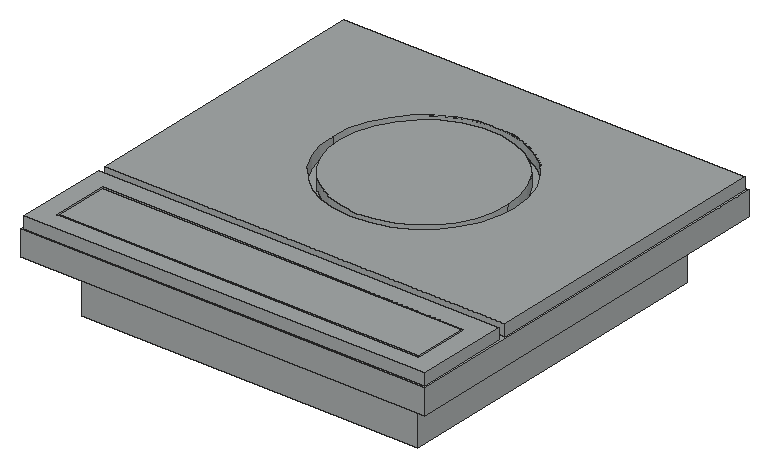
Revit family "Gira_5568926", category Electrical Fixtures, host Face, Revit 2017
Family settings
  Host = Face
  Maintain Annotation Orientation = Yes
  Round Connector Dimension = Use Diameter
  Part Type = Normal
  Cut with Voids When Loaded = No
  Shared = No
  Room Calculation Point = No
Parameters (values of type "Blindmodul System 106 Aluminium")
  URL = "http://katalog.gira.de/de_DE/datenblatt.html?artikelnr=5568926"
  Region = "DE"
  Name = "Blindmodul System 106 Aluminium"
  Model = "Sys106_Abdeckung_Schalten und Tasten"
  Manufacturer URL = "https://www.gira.de/"
  Installationstechnik = "Bus-System"
  Höhe = "0,1065 m"
  HeinzeBIM = "https://bimportal.heinze.de/bim/blindmodul-system-106-aluminium/7e61e659c46ab993001918db1cf8af7d8b333562"
  HAN = "5568926"
  GTIN = "4010337022855"
  Farbe = "silber"
  Edelstahl [instance] = Edelstahl
  Default Elevation = 1219.2 mm
  Data sheet (1) = "https://katalog.gira.de/de_DE/download.html?artikelnr=5568926"
  Category = "Funktionsmodul für Türkommunikation"
  Breite = "0,1065 m"
  Available = "Yes"
  Anzahl der Klingeltasten = "0 "
Reference planes
  plane 1 "Center (Front/Back)": y = 0
  plane 2 "Reference Level 0": z = 0
  plane 3 "Center (Left/Right)": x = 0
  plane 4 "Reference Level 1": z = 9.5
Forms (mm)
  Extrusion 1, solid, material "Edelstahl" <- "Edelstahl", detail levels coarse
    sketch origin (0, 0, 0) x (1, 0, 0) y (0, 1, 0)
      loop
        line (-53, 53) -> (-53, -53) -> (53, -53) -> (53, 53) -> (-53, 53)
    from -14.7 to 9.5
  Extrusion 2, solid, material "Edelstahl" <- "Edelstahl", detail levels fine
    sketch origin (0, 0, 0) x (1, 0, 0) y (0, 1, 0)
      loop
        line (52.5, -28) -> (-52.5, -28) -> (-52.5, -52.5) -> (52.5, -52.5) -> (52.5, -28)
      loop
        line (-47.5, -48) -> (47.5, -48) -> (47.5, -33) -> (-47.5, -33) -> (-47.5, -48)
    from 6.5 to 9.5
  Extrusion 3, solid, material "Edelstahl" <- "Edelstahl", detail levels fine
    sketch origin (0, 0, 0) x (1, 0, 0) y (0, 1, 0)
      loop
        line (-52.5, 52.5) -> (-52.5, -26) -> (52.5, -26) -> (52.5, 52.5) -> (-52.5, 52.5)
      loop
        circle (0, 13) r 24
    from 6.5 to 9.5
  Extrusion 4, solid, material "Edelstahl" <- "Edelstahl", detail levels medium+fine
    sketch origin (0, 0, 0) x (1, 0, 0) y (0, 1, 0)
      loop
        line (-53, 53) -> (-53, -53) -> (53, -53) -> (53, 53) -> (-53, 53)
    from 0 to 6.5
  Extrusion 5, solid, material "Edelstahl" <- "Edelstahl", detail levels fine
    sketch origin (0, 0, 0) x (1, 0, 0) y (0, 1, 0)
      loop
        line (-44, 44) -> (-44, -44) -> (44, -44) -> (44, 44) -> (-44, 44)
    from -14.7 to 0
  Extrusion 6, solid, material "Edelstahl" <- "Edelstahl", detail levels fine
    sketch origin (0, 0, 0) x (1, 0, 0) y (0, 1, 0)
      loop
        circle (0, 13) r 22
    from 6.5 to 9.5
  Extrusion 7, solid, material "Edelstahl" <- "Edelstahl", detail levels fine
    sketch origin (0, 0, 0) x (1, 0, 0) y (0, 1, 0)
      loop
        line (-47, -33.5) -> (-47, -47.5) -> (47, -47.5) -> (47, -33.5) -> (-47, -33.5)
    from 6.5 to 9.5
  Extrusion 8, solid, material "Edelstahl" <- "Edelstahl", detail levels medium
    sketch origin (0, 0, 0) x (1, 0, 0) y (0, 1, 0)
      loop
        line (-52.5, 52.5) -> (-52.5, -26) -> (52.5, -26) -> (52.5, 52.5) -> (-52.5, 52.5)
      loop
        line (-52.5, -28) -> (-52.5, -52.5) -> (52.5, -52.5) -> (52.5, -28) -> (-52.5, -28)
    from 6.5 to 9.5
  Extrusion 9, solid, material "Edelstahl" <- "Edelstahl", detail levels medium
    sketch origin (0, 0, 0) x (1, 0, 0) y (0, 1, 0)
      loop
        circle (0, 13) r 24
      loop
        line (-47.5, -33) -> (-47.5, -48) -> (47.5, -48) -> (47.5, -33) -> (-47.5, -33)
    from 6.5 to 9.5
Dimensions and locks
  aligned and locked: plane 2 "Reference Level 0" to host face
  aligned and locked: level to host face
  aligned and locked: Extrusion 4 to host face
  aligned and locked: Extrusion 4 to level
  aligned and locked: level to Extrusion 5
  aligned and locked: level to Extrusion 4
  aligned and locked: Extrusion 4 to plane 2 "Reference Level 0"
  aligned and locked: plane 2 "Reference Level 0" to Extrusion 5
  aligned and locked: plane 3 "Center (Left/Right)" to nested 1
  aligned and locked: plane 1 "Center (Front/Back)" to nested 1
Nested families
  nested 1: "Schalter" at (0, 0, 0), type "Schalter"
Connectors
  electrical at (0, 0, -14.7)
    settings: on Extrusion 5, index 1, voltage 220 V, apparent load 0 VA, apparent load phase1 0 VA, apparent load phase2 0 VA, apparent load phase3 0 VA, power factor 1, load classification "Other", number of poles 1, system type 30, power factor state 1, is connector primary yes, connector utility no, sub classification motor no, connector description ""
Definition of nested family "Schalter"
  Reference planes
    plane 1: y = 0
    plane 2: x = 0
  Lines and regions (mm)
    detail lines
      curve 1: circle (1.375, 2.778, 0) r 0.8 normal (0, 0, 1)
      curve 2: line (1.021, 2.061, 0) -> (0, 0, 0)
      curve 3: line (0, 0, 0) -> (-0.538, 0.266, 0)
  Dimensions and locks
    curve 2 to curve 2 = 2.3 mm
    curve 3 to curve 2 = 0.6 mm
    radius of curve 1 = 0.8 mm
